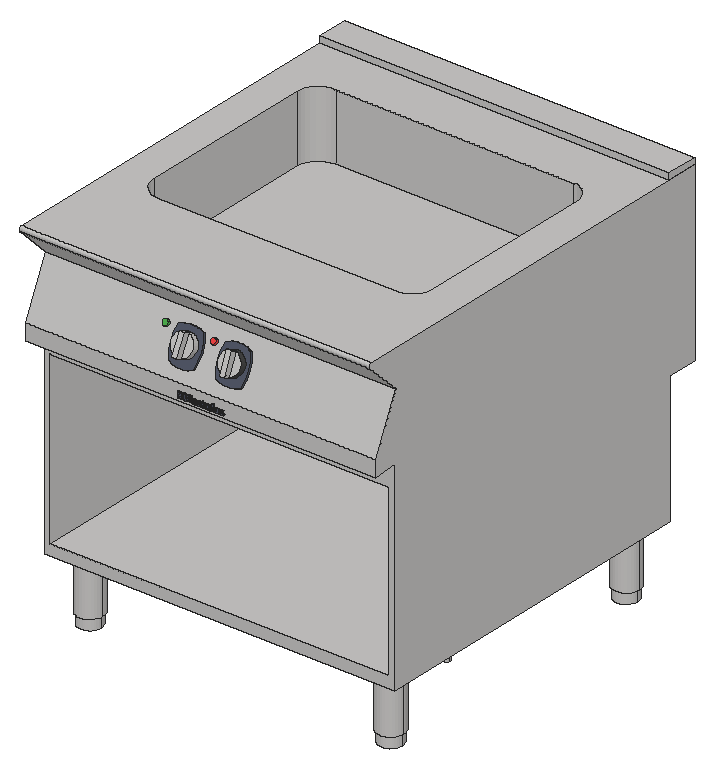
Revit family "QF_ELECTROLUXPROFESSIONAL_391151_E9MFEHDIO0", category Specialty Equipment, Revit 2018 (continued)
Automatic sketch dimensions
  plane 7 "Center Y" to Extrusion 18 sketch curve = 53.118 mm
  Extrusion 18 sketch curve to Extrusion 18 sketch curve = 1.361 mm
  Extrusion 18 sketch curve to Extrusion 18 sketch curve = 0.822 mm
  Extrusion 18 sketch curve to Extrusion 18 sketch curve = 0.069 mm
  Extrusion 18 sketch curve to Extrusion 18 sketch curve = 1.88 mm
  plane 7 "Center Y" to Extrusion 18 sketch curve = 34.951 mm
  Extrusion 18 sketch curve to Extrusion 18 sketch curve = 0.42 mm
  Extrusion 18 sketch curve to Extrusion 18 sketch curve = 0.062 mm
  Extrusion 18 sketch curve to Extrusion 18 sketch curve = 1.355 mm
  Extrusion 18 sketch curve to Extrusion 18 sketch curve = 2.34 mm
  Extrusion 18 sketch curve to Extrusion 18 sketch curve = 0.493 mm
  Extrusion 18 sketch curve to Extrusion 18 sketch curve = 0.136 mm
  Extrusion 18 sketch curve to Extrusion 18 sketch curve = 0.128 mm
  Extrusion 18 sketch curve to Extrusion 18 sketch curve = 3.616 mm
  Extrusion 18 sketch curve to Extrusion 18 sketch curve = 4.207 mm
  Extrusion 18 sketch curve to Extrusion 18 sketch curve = 0.183 mm
  Extrusion 18 sketch curve to Extrusion 18 sketch curve = 0.895 mm
  Extrusion 18 sketch curve to Extrusion 18 sketch curve = 1.314 mm
  Extrusion 18 sketch curve to Extrusion 18 sketch curve = 3.231 mm
  Extrusion 18 sketch curve to plane 7 "Center Y" = 23.844 mm
  Extrusion 18 sketch curve to Extrusion 18 sketch curve = 1.299 mm
  Extrusion 18 sketch curve to Extrusion 18 sketch curve = 1.214 mm
  plane 7 "Center Y" to Extrusion 18 sketch curve = 26.05 mm
  Extrusion 18 sketch curve to Extrusion 18 sketch curve = 1.264 mm
  Extrusion 18 sketch curve to Extrusion 18 sketch curve = 0.109 mm
  Extrusion 18 sketch curve to Extrusion 18 sketch curve = 0.357 mm
  Extrusion 18 sketch curve to Extrusion 18 sketch curve = 0.565 mm
  Extrusion 18 sketch curve to Extrusion 18 sketch curve = 2.504 mm
  Extrusion 18 sketch curve to Extrusion 18 sketch curve = 2.459 mm
  Extrusion 18 sketch curve to Extrusion 18 sketch curve = 0.983 mm
  Extrusion 18 sketch curve to Extrusion 18 sketch curve = 0.422 mm  (x2)
  Extrusion 18 sketch curve to Extrusion 18 sketch curve = 1.268 mm
  Extrusion 18 sketch curve to Extrusion 18 sketch curve = 0.671 mm
  Extrusion 18 sketch curve to Extrusion 18 sketch curve = 1.634 mm
  Extrusion 18 sketch curve to Extrusion 18 sketch curve = 0.132 mm
  Extrusion 18 sketch curve to Extrusion 18 sketch curve = 0.586 mm
  Extrusion 18 sketch curve to Extrusion 18 sketch curve = 1.241 mm
  Extrusion 18 sketch curve to Extrusion 18 sketch curve = 1.689 mm
  Extrusion 18 sketch curve to Extrusion 18 sketch curve = 0.627 mm
  Extrusion 18 sketch curve to Extrusion 18 sketch curve = 0.419 mm
  Extrusion 18 sketch curve to Extrusion 18 sketch curve = 1.514 mm
  Extrusion 18 sketch curve to Extrusion 18 sketch curve = 1.019 mm
  Extrusion 18 sketch curve to Extrusion 18 sketch curve = 0.065 mm
  Extrusion 18 sketch curve to Extrusion 18 sketch curve = 1.215 mm
  Extrusion 18 sketch curve to Extrusion 18 sketch curve = 1.122 mm
  Extrusion 18 sketch curve to Extrusion 18 sketch curve = 1.153 mm
  Extrusion 18 sketch curve to Extrusion 18 sketch curve = 1.223 mm
  Extrusion 18 sketch curve to Extrusion 18 sketch curve = 0.934 mm
  Extrusion 18 sketch curve to Extrusion 18 sketch curve = 3.376 mm
  Extrusion 18 sketch curve to Extrusion 18 sketch curve = 0.222 mm
  Extrusion 18 sketch curve to Extrusion 18 sketch curve = 1.383 mm
  Extrusion 18 sketch curve to Extrusion 18 sketch curve = 1.556 mm
  Extrusion 18 sketch curve to Extrusion 18 sketch curve = 2.559 mm
  Extrusion 18 sketch curve to Extrusion 18 sketch curve = 2.51 mm
  Extrusion 18 sketch curve to Extrusion 18 sketch curve = 0.131 mm
  Extrusion 18 sketch curve to Extrusion 18 sketch curve = 1.134 mm
  Extrusion 18 sketch curve to Extrusion 18 sketch curve = 0.094 mm
  Extrusion 18 sketch curve to Extrusion 18 sketch curve = 1.584 mm
  plane 7 "Center Y" to Extrusion 18 sketch curve = 0.32 mm
  Extrusion 18 sketch curve to Extrusion 18 sketch curve = 0.916 mm
  Extrusion 18 sketch curve to Extrusion 18 sketch curve = 0.352 mm
  Extrusion 18 sketch curve to Extrusion 18 sketch curve = 0.458 mm
  Extrusion 18 sketch curve to Extrusion 18 sketch curve = 1.282 mm
  Extrusion 18 sketch curve to Extrusion 18 sketch curve = 1.363 mm
  Extrusion 18 sketch curve to Extrusion 18 sketch curve = 0.685 mm
  Extrusion 18 sketch curve to Extrusion 18 sketch curve = 0.905 mm
  Extrusion 18 sketch curve to Extrusion 18 sketch curve = 1.477 mm
  Extrusion 18 sketch curve to Extrusion 18 sketch curve = 0.472 mm
  Extrusion 18 sketch curve to Extrusion 18 sketch curve = 0.101 mm
  Extrusion 18 sketch curve to Extrusion 18 sketch curve = 0.54 mm
  Extrusion 18 sketch curve to Extrusion 18 sketch curve = 0.02 mm
  Extrusion 18 sketch curve to Extrusion 18 sketch curve = 0.829 mm
  Extrusion 18 sketch curve to Extrusion 18 sketch curve = 0.582 mm
  Extrusion 18 sketch curve to Extrusion 18 sketch curve = 0.166 mm
  Extrusion 18 sketch curve to Extrusion 18 sketch curve = 0.16 mm
  Extrusion 18 sketch curve to Extrusion 18 sketch curve = 1.118 mm
  Extrusion 18 sketch curve to Extrusion 18 sketch curve = 0.613 mm
  Extrusion 18 sketch curve to Extrusion 18 sketch curve = 0.781 mm
  Extrusion 18 sketch curve to Extrusion 18 sketch curve = 0.361 mm
  Extrusion 18 sketch curve to Extrusion 18 sketch curve = 0.897 mm
  Extrusion 18 sketch curve to Extrusion 18 sketch curve = 0.167 mm
  Extrusion 18 sketch curve to Extrusion 18 sketch curve = 0.292 mm
  Extrusion 18 sketch curve to Extrusion 18 sketch curve = 0.305 mm
  Extrusion 18 sketch curve to Extrusion 18 sketch curve = 1.557 mm
  Extrusion 18 sketch curve to Extrusion 18 sketch curve = 2.499 mm
  Extrusion 18 sketch curve to Extrusion 18 sketch curve = 3.062 mm
  Extrusion 18 sketch curve to Extrusion 18 sketch curve = 2.968 mm
  Extrusion 18 sketch curve to Extrusion 18 sketch curve = 5.044 mm
  Extrusion 18 sketch curve to Extrusion 18 sketch curve = 0.629 mm  (x2)
  Extrusion 18 sketch curve to Extrusion 18 sketch curve = 1.131 mm
  Extrusion 18 sketch curve to Extrusion 18 sketch curve = 0.027 mm
  Extrusion 18 sketch curve to Extrusion 18 sketch curve = 2.046 mm
  Extrusion 18 sketch curve to Extrusion 18 sketch curve = 2.235 mm
  Extrusion 20 sketch curve to Extrusion 1 = 11 mm
  Extrusion 20 sketch curve to Extrusion 1 = 164.023 mm
  Extrusion 21 sketch curve to Extrusion 13 = 105.023 mm
  Extrusion 21 sketch curve to Extrusion 13 = 107.3 mm
  curve 132 to curve 133 = 0 mm  (x2)
  plane 12 to curve 132 = 49 mm
  curve 132 to plane 7 "Center Y" = 109 mm
  curve 133 to curve 132 = 30 mm
  radius of Extrusion 4 sketch curve = 25.4 mm
  radius of Extrusion 5 sketch curve to Extrusion 4 = 0 mm  (x2)
  radius of Extrusion 6 sketch curve = 6.35 mm
  radius of Extrusion 12 sketch curve = 12.7 mm
  radius of Extrusion 15 sketch curve = 25.4 mm
  radius of Extrusion 16 sketch curve to Extrusion 15 = 0 mm  (x2)
  radius of Extrusion 17 sketch curve = 6.35 mm
  radius of Extrusion 19 sketch curve = 30 mm
  radius of Extrusion 20 sketch curve = 6.604 mm
  radius of Extrusion 21 sketch curve = 12.7 mm
Connectors
  piping at (291, -646, 588.3), diameter 50.8
    settings: on Extrusion 12, index 3, connector inside diameter 2", connector length 0 mm, flow factor 0, pipe flow 0 GPM, pressure drop 0.00 psi, fitting loss kfactor 0, connector angle 0.00°, fixture units 0, engagement length 0 mm, angle of deflection 0.00°, flow configuration 1, flow direction 2, fitting loss method 0, system type 16, joint type 0, gender type 0, connector reference index -1, connector utility 0, adjustable connector no, is connector primary yes, connector description "DRAIN"
  electrical at (680, -754, 603), driven by "Volts", driven by "Watts"
    settings: on Extrusion 21, index 4, voltage 400 V, apparent load 10000 VA, apparent load phase1 0 VA, apparent load phase2 0 VA, apparent load phase3 0 VA, power factor 1, load classification "Other", number of poles 1, system type 30, power factor state 1, is connector primary yes, connector utility no, sub classification motor no, connector description "ELECTRICAL CONNECTION"
